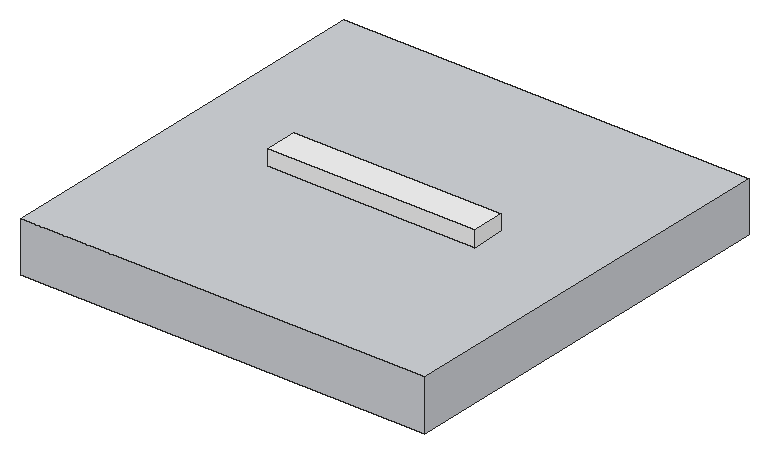
Revit family "EL-LW-VH4102A3AHN_()0000002884_Facebased_ver-2-0_2022_tsuujou_LDL40TN2737G3", category 照明器具, Revit 2022
Family settings
  ホスト = 面
  丸型コネクタ寸法 = 直径を使用
  パーツ タイプ = 標準
  ロード時にボイドで切り取り = いいえ
  光源 = いいえ
  注釈の向きを維持 = いいえ
  共有 = いいえ
  部屋計算ポイント = いいえ
Parameters (values of type "_固定出力_初期照度補正機能搭載なし__")
  電源種別_記号 = ""
  電源種別 = ""
  電圧指定 = 1
  防災用照明器具電源種別 = ""
  防災用照明器具種類 = ""
  開口部寸法(径) = 0 mm
  開口部寸法(幅) = 0 mm
  開口部寸法(奥行) = 0 mm
  配光角 = 0
  運転質量 = 0.00 kg
  質量 = 0.00 kg
  負荷分類 = none
  Description = ""
  誘導灯形式 = ""
  誘導灯仕様 = ""
  認定番号 = ""
  設置面露出寸法 [instance] = 94 mm
  設置方法 = "直付"
  記号 = ""
  製造元 = "三菱電機照明株式会社"
  製品質量 = 0.00 kg
  製品出荷対象 = ""
  製品リリース年月 = ""
  製品グループ = ""
  背面形式 = ""
  系統2 [instance] = ""
  系統 [instance] = ""
  符号 = ""
  積算_科目2 = ""
  積算_科目 = "1 電灯設備"
  積算_拾い区分 [instance] = ""
  種別 [instance] = ""
  相 = 1
  直径 = 0 mm
  盤記号2 [instance] = ""
  盤記号 [instance] = ""
  Apparent Load = 定格入力電圧 * 定格入力電流  # 62 VA
  用途 = ""
  特殊仕様 [instance] = ""
  built-in parameter 1140040 [instance] = 1
  照明制御装置の種類 = ""
  消費電力3 = 60.0 W
  消費電力2 = 60.0 W
  消費電力1 = 61.0 W
  法定耐用年数 = ""
  極数 = 1
  材質_本体 = none
  材質_反射板 = none
  材質_ルーバー = none
  材質_カバー = none
  材質 [instance] = ""
  本体 [instance] = 本体(グレー)
  Default Elevation = 1219.2 mm
  形式 = "逆富士"
  平均演色評価数(Ra) = 83
  定格消費電力 = if(電圧指定 = 1, 消費電力1, if(電圧指定 = 2, 消費電力2, if(電圧指定 = 3, 消費電力3, 消費電力1)))  # 61.0 W
  定格入力電流 = if(電圧指定 = 1, 入力電流1, if(電圧指定 = 2, 入力電流2, if(電圧指定 = 3, 入力電流3, 入力電流1)))  # 0.620 A
  定格入力電圧 = if(電圧指定 = 1, [入力電圧1(電圧指定=1)], if(電圧指定 = 2, [入力電圧2(電圧指定=2)], if(電圧指定 = 3, [入力電圧3(電圧指定=3)], [入力電圧1(電圧指定=1)])))  # 100 V
  定格入力容量 = 定格入力電圧 * 定格入力電流  # 62 VA
  定格光束 = 0 lm
  安定器_蛍光灯 = ""
  安定器_定格電圧 = 0 V
  安定器_入力電流 = 0.000 A
  安定器_入力電力 = 0.0 W
  安定器_二次電圧 = 0 V
  固有エネルギー消費効率(lm/W) = 22.623
  器具サイズ = ""
  呼称 = "Lﾌｧｲﾝecoｼﾘｰｽﾞ非常灯"
  周波数 = 0 Hz
  名称 [instance] = ""
  参照している仕様書等のバージョン = ""
  分類コード = "40300000000000"
  分類グループ = ""
  公共型番 = ""
  入力電流3 = 0.270 A
  入力電流2 = 0.310 A
  入力電流1 = 0.620 A
  入力電圧3(電圧指定=3) = 242 V
  入力電圧2(電圧指定=2) = 200 V
  入力電圧1(電圧指定=1) = 100 V
  光源 [instance] = 光源
  保守率(3)悪いのコメント = "保守率悪いの場合：0.81"
  保守率(2)普通のコメント = "保守率普通の場合：0.86"
  保守率(1)良いのコメント = "保守率良いの場合：0.88"
  企業コード = "118713"
  付属品 [instance] = ""
  仕様書バージョン = ""
  仕様 = ""
  ランプの種類 = ""
  ランプ_電流 = 0.000 A
  ランプ_本数 = 2
  ランプ_定格消費電力 = 0.0 W
  ランプ_定格消費効率(lm/W) = 0
  ランプ_大きさ = ""
  ランプ_全光束 = 7400 lm
  ランプ = "LDL40T･N/27/37･G3"
  モデル = "EL-LW-VH4102A/3 AHN"
  サービススペース = no
  コンバート開始日時 = "2023年09月08日(金) 11時18分38秒072"
  Type Comments = ""
  コメント [instance] = ""
  グレア分類 = ""
  カバー形状 = ""
  Assembly Code = ""
  Width = 1250 mm
  Version = ""
  Uniclass2015Version = ""
  Uniclass2015Title = ""
  Uniclass2015Code = ""
  URL = "https://www.mitsubishielectric.co.jp/group/mlf/"
  SpecificationReference = ""
  SpecificationDescription = ""
  Revision = ""
  ProductInformation = ""
  OmniClassCode = ""
  LED制御装置 = "一般形(LN)"
  IfcTypeProduct = ""
  IfcProduct = ""
  IfcExportType = ""
  IfcExportAs = "IfcLightFixtureType"
  Height = 94 mm
  FamilyVersion = ""
  Depth = 200 mm
  Clearance Top = 0 mm
  Clearance Right = 0 mm
  Clearance Left = 0 mm
  Clearance Front = 0 mm
  Clearance Bottom = 0 mm
  Clearance Back = 0 mm
  Author = "三菱電機照明"
Reference planes
  plane 1 "中心(正面/背面)": y = 0
  plane 2: z = 0
  plane 3 "中心(左/右)": x = 0
  plane 4 "光源高さ": z = 94
  plane 5 "正面": y = -100
  plane 6 "背面": y = 100
  plane 7 "前後芯": y = 0
  plane 8 "左": x = -625
  plane 9 "右": x = 625
  plane 10 "左右芯": x = 0
  plane 11 "上": z = 0
Forms (mm)
  Extrusion 1, solid
    sketch origin (0, 0, 0) x (1, 0, 0) y (0, 1, 0)
      loop
        line (-1219.2, 1219.2) -> (-1219.2, -1219.2) -> (1219.2, -1219.2) -> (1219.2, 1219.2) -> (-1219.2, 1219.2)
    from 0 to -304.8
  Extrusion 2, solid
    sketch origin (1524, 2097.409, 0) x (0, 1, 0) y (1, 0, 0)
      loop
        line (-2197.409, -2149) -> (-1997.409, -2149) -> (-1997.409, -899) -> (-2197.409, -899) -> (-2197.409, -2149)
    from 0 to -94
Dimensions and locks
  "Width": plane 8 "左" to plane 9 "右"
  equal spacing: plane 8 "左", plane 10 "左右芯", plane 9 "右"
  "Depth": plane 5 "正面" to plane 6 "背面"
  equal spacing: plane 5 "正面", plane 7 "前後芯", plane 6 "背面"
  "Height": plane 11 "上" to plane 4 "光源高さ"
  "設置面露出寸法": level to plane 4 "光源高さ"
  aligned and locked: plane 2 to Extrusion 1
  aligned and locked: level to Extrusion 1
  aligned and locked: plane 11 "上" to Extrusion 2
  aligned and locked: Extrusion 2 to plane 4 "光源高さ"
  aligned and locked: plane 9 "右" to Extrusion 2
  aligned and locked: Extrusion 2 to plane 8 "左"
  aligned and locked: plane 5 "正面" to Extrusion 2
  aligned and locked: Extrusion 2 to plane 6 "背面"
Automatic sketch dimensions
  Extrusion 1 sketch curve to Extrusion 1 sketch curve = 2438.4 mm  (x2)
  plane 5 "正面" to Extrusion 2 sketch curve = 0 mm
  plane 6 "背面" to Extrusion 2 sketch curve = 0 mm
  Extrusion 2 sketch curve to plane 9 "右" = 0 mm
  Extrusion 2 sketch curve to plane 8 "左" = 0 mm
Connectors
  electrical at (0, 0, 0)
    settings: on Extrusion 2, index 1, voltage 0 V, apparent load 0 VA, apparent load phase1 0 VA, apparent load phase2 0 VA, apparent load phase3 0 VA, power factor 1, load classification "その他", number of poles 1, system type 31, power factor state 1, is connector primary yes, connector utility no, sub classification motor no, connector description ""
